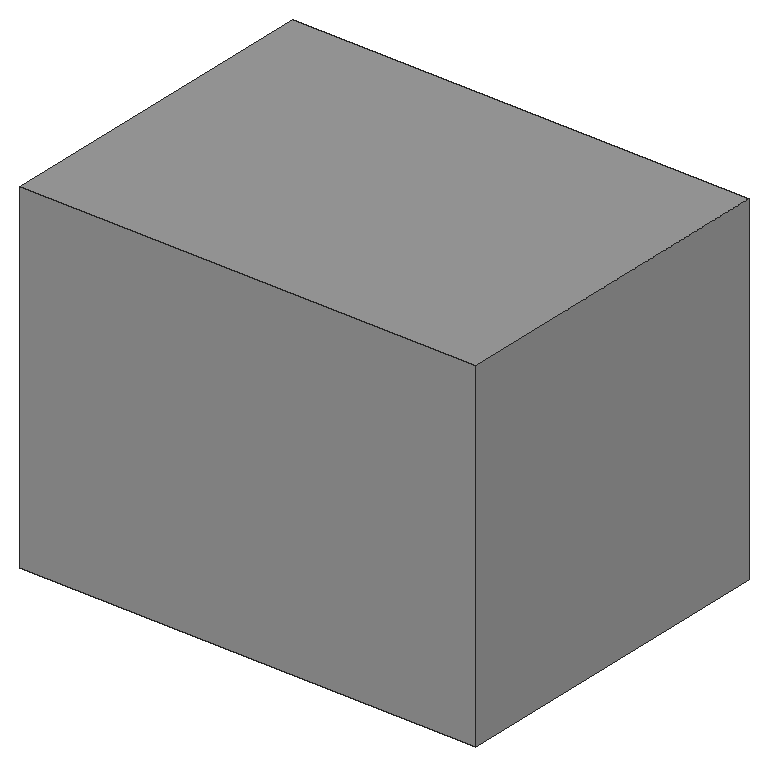
Revit family "Pull Box", category Electrical Fixtures, Revit 2021
Family settings
  Maintain Annotation Orientation = No
  Round Connector Dimension = Use Diameter
  Part Type = Normal
  OmniClass Number = 23.80.00.00
  OmniClass Title = Electric Power and Lighting
  Work Plane-Based = No
  Always vertical = Yes
  Cut with Voids When Loaded = No
  Shared = No
  Room Calculation Point = No
Parameters
  SubSquare [instance] = 40 mm
  LargeSquare [instance] = 200 mm
  Default Elevation = 0 mm
Reference planes
  plane 1 "Center (Front/Back)": y = 0
  plane 2: z = 0
  plane 3 "Center (Left/Right)": x = 0
  plane 4: y = 15
  plane 5: y = -15
  plane 6: x = -20
  plane 7: x = 20
Forms (mm)
  Extrusion 1, solid, material "Default"
    sketch origin (0, 0, 0) x (1, 0, 0) y (0, 1, 0)
      loop
        line (-20, 15) -> (-20, -15) -> (20, -15) -> (20, 15) -> (-20, 15)
    from 0 to 30
Lines and regions (mm)
  reference lines
    curve 1: line (276.153, 0, 30) -> (-308.847, 0, 30)
  model lines, style "Pull Box Line"
    curve 2: line (-20, 15, 0) -> (20, -15, 0)
    curve 3: line (20, 15, 0) -> (-20, -15, 0)
Dimensions and locks
  equal spacing: plane 6, plane 3 "Center (Left/Right)", plane 7
  "SubSquare": plane 6 to plane 7
  equal spacing: plane 4, plane 1 "Center (Front/Back)", plane 5
  aligned and locked: level to plane 2
  aligned and locked: Extrusion 1 sketch curve to plane 4
  aligned and locked: plane 6 to Extrusion 1 sketch curve
  aligned and locked: plane 5 to Extrusion 1 sketch curve
  aligned and locked: Extrusion 1 sketch curve to plane 7
  aligned and locked: Extrusion 1 to curve 1
Automatic sketch dimensions
  curve 3 to plane 5 = 0 mm
  curve 3 to plane 6 = 0 mm
  curve 2 to plane 4 = 0 mm
  curve 2 to plane 6 = 0 mm
  curve 3 to plane 4 = 0 mm
  curve 3 to plane 7 = 0 mm
  curve 2 to plane 5 = 0 mm
  curve 2 to plane 7 = 0 mm
  level to curve 1 = 30 mm
  curve 1 to plane 6 = 288.847 mm
  plane 7 to curve 1 = 256.153 mm
Connectors
  cabletrayconduit at (0, 0, 30), diameter 16
    settings: on Extrusion 1, index 1, connector width 300 mm, connector height 300 mm, connector angle 0.00°, system type 32, placement type 0, profile type 0, connector reference index -1, is primary connector yes, connector utility param no, connector description "Top"
  cabletrayconduit at (0, 15, 15), diameter 16
    settings: on Extrusion 1, index 2, connector width 300 mm, connector height 300 mm, connector angle 0.00°, system type 32, placement type 0, profile type 0, connector reference index -1, is primary connector no, connector utility param no, connector description "Back"
  cabletrayconduit at (0, -15, 15), diameter 16
    settings: on Extrusion 1, index 3, connector width 300 mm, connector height 300 mm, connector angle 0.00°, system type 32, placement type 0, profile type 0, connector reference index -1, is primary connector no, connector utility param no, connector description "Front"
  cabletrayconduit at (-20, 0, 15), diameter 16
    settings: on Extrusion 1, index 4, connector width 300 mm, connector height 300 mm, connector angle 0.00°, system type 32, placement type 0, profile type 0, connector reference index -1, is primary connector no, connector utility param no, connector description "Left"
  cabletrayconduit at (20, 0, 15), diameter 16
    settings: on Extrusion 1, index 5, connector width 300 mm, connector height 300 mm, connector angle 0.00°, system type 32, placement type 0, profile type 0, connector reference index -1, is primary connector no, connector utility param no, connector description "Right"
  cabletrayconduit at (0, 0, 0), diameter 16
    settings: on Extrusion 1, index 6, connector width 300 mm, connector height 300 mm, connector angle 0.00°, system type 32, placement type 0, profile type 0, connector reference index -1, is primary connector no, connector utility param no, connector description "Bottom"
